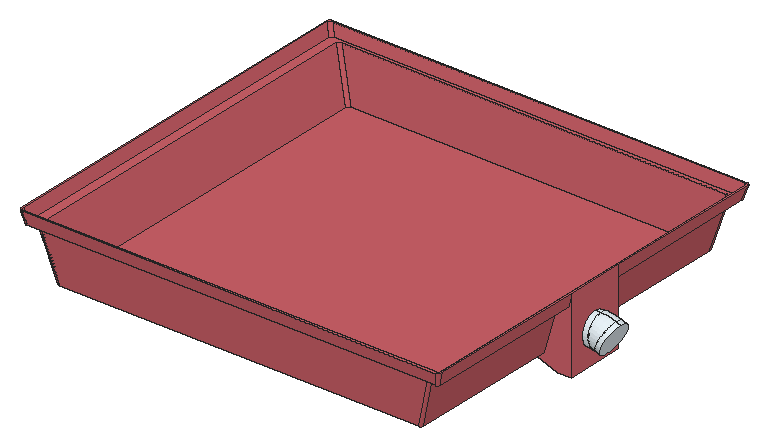
Revit family
Parameters (values of type "660 X 610")
  Waste Connection Diameter = 40 mm
  Waste Connection Radius = Waste Connection Diameter / 2  # 20 mm
  URL = "http://www.autospec.co.za/explore.php?n=w&id=380"
  Product Code = "GSTP 760"
  OmniClass Title = ""
  OmniClass Number = ""
  Material = Polyethylene
  Modspec Classification = ""
  Specification = ""
  Location (revit room) = ""
  Description = ""
  Depth = 98 mm
  Colour = none
  Body Finish = none
  Width = 610 mm
  Model = "Geyser Drip Tray Vertical"
  Manufacturer = "Kwikot"  # constant formula
  Length = 660 mm
  Assembly Code = "E1090100"
  Adapter Material = PVC
Reference planes
  plane 1 "Center (Front/Back)": y = 0
  plane 2 "Bottom": z = 0
  plane 3 "Center (Left/Right)": x = 0
  plane 4 "Right": x = 660
  plane 5 "Back": y = 610
  plane 6 "Top": z = 98
  plane 7: z = -20
  plane 8: x = 655.5
  plane 9: x = 4.5
  plane 10: y = 605.5
  plane 11: y = 4.5
  plane 12: y = 590
  plane 13: y = 20
  plane 14: x = 616.5
  plane 15: x = 43.5
  plane 16: z = 78
  plane 17: y = 600.5
  plane 18: y = 9.5
  plane 19: x = 639
  plane 20: x = 21
  plane 21: x = 330
  plane 22: y = 305
Forms (mm)
  Blend 1, solid, material "Polyethylene" <- "Material"
    base sketch origin (-61.036, -1851.128, 98) x (-1, 0, 0) y (0, -1, 0)
      loop
        arc (-66.036, -2461.128) -> (-62.501, -2459.664) -> (-61.036, -2456.128) r 5
        line (-61.036, -2456.128) -> (-61.036, -1856.128)
        arc (-61.036, -1856.128) -> (-62.501, -1852.593) -> (-66.036, -1851.128) r 5
        line (-66.036, -1851.128) -> (-716.036, -1851.128)
        arc (-716.036, -1851.128) -> (-719.572, -1852.593) -> (-721.036, -1856.128) r 5
        line (-721.036, -1856.128) -> (-721.036, -2456.128)
        arc (-721.036, -2456.128) -> (-719.572, -2459.664) -> (-716.036, -2461.128) r 5
        line (-716.036, -2461.128) -> (-66.036, -2461.128)
    top sketch origin (-61.036, -1851.128, 98) x (-1, 0, 0) y (0, -1, 0)
      loop
        arc (-70.536, -2456.628) -> (-67.001, -2455.164) -> (-65.536, -2451.628) r 5
        line (-65.536, -2451.628) -> (-65.536, -1860.628)
        arc (-65.536, -1860.628) -> (-67.001, -1857.093) -> (-70.536, -1855.628) r 5
        line (-70.536, -1855.628) -> (-711.536, -1855.628)
        arc (-711.536, -1855.628) -> (-715.072, -1857.093) -> (-716.536, -1860.628) r 5
        line (-716.536, -1860.628) -> (-716.536, -2451.628)
        arc (-716.536, -2451.628) -> (-715.072, -2455.164) -> (-711.536, -2456.628) r 5
        line (-711.536, -2456.628) -> (-70.536, -2456.628)
    from 0 to -20
  Blend 2, solid, material "Polyethylene" <- "Material"
    base sketch origin (-270.578, -1524, 78) x (-1, 0, 0) y (0, -1, 0)
      loop
        arc (-296.578, -2124.5) -> (-293.042, -2123.036) -> (-291.578, -2119.5) r 5
        line (-291.578, -2119.5) -> (-291.578, -1538.5)
        arc (-291.578, -1538.5) -> (-293.042, -1534.964) -> (-296.578, -1533.5) r 5
        line (-296.578, -1533.5) -> (-904.578, -1533.5)
        arc (-904.578, -1533.5) -> (-908.113, -1534.964) -> (-909.578, -1538.5) r 5
        line (-909.578, -1538.5) -> (-909.578, -2119.5)
        arc (-909.578, -2119.5) -> (-908.113, -2123.036) -> (-904.578, -2124.5) r 5
        line (-904.578, -2124.5) -> (-296.578, -2124.5)
    top sketch origin (-270.578, -1524, 78) x (-1, 0, 0) y (0, -1, 0)
      loop
        arc (-319.078, -2114) -> (-315.542, -2112.536) -> (-314.078, -2109) r 5
        line (-314.078, -2109) -> (-314.078, -1549)
        arc (-314.078, -1549) -> (-315.542, -1545.464) -> (-319.078, -1544) r 5
        line (-319.078, -1544) -> (-882.078, -1544)
        arc (-882.078, -1544) -> (-885.613, -1545.464) -> (-887.078, -1549) r 5
        line (-887.078, -1549) -> (-887.078, -2109)
        arc (-887.078, -2109) -> (-885.613, -2112.536) -> (-882.078, -2114) r 5
        line (-882.078, -2114) -> (-319.078, -2114)
    from 0 to -78
  Blend 3, void
    base sketch origin (-61.036, -1851.128, 98) x (0, -1, 0) y (1, 0, 0)
      loop
        arc (-1858.128, 63.036) -> (-1854.593, 64.501) -> (-1853.128, 68.036) r 5
        line (-1853.128, 68.036) -> (-1853.128, 714.036)
        arc (-1853.128, 714.036) -> (-1854.593, 717.572) -> (-1858.128, 719.036) r 5
        line (-1858.128, 719.036) -> (-2454.128, 719.036)
        arc (-2454.128, 719.036) -> (-2457.664, 717.572) -> (-2459.128, 714.036) r 5
        line (-2459.128, 714.036) -> (-2459.128, 68.036)
        arc (-2459.128, 68.036) -> (-2457.664, 64.501) -> (-2454.128, 63.036) r 5
        line (-2454.128, 63.036) -> (-1858.128, 63.036)
    top sketch origin (-61.036, -1851.128, 98) x (0, -1, 0) y (1, 0, 0)
      loop
        arc (-1862.628, 67.536) -> (-1859.093, 69.001) -> (-1857.628, 72.536) r 5
        line (-1857.628, 72.536) -> (-1857.628, 709.536)
        arc (-1857.628, 709.536) -> (-1859.093, 713.072) -> (-1862.628, 714.536) r 5
        line (-1862.628, 714.536) -> (-2449.628, 714.536)
        arc (-2449.628, 714.536) -> (-2453.164, 713.072) -> (-2454.628, 709.536) r 5
        line (-2454.628, 709.536) -> (-2454.628, 72.536)
        arc (-2454.628, 72.536) -> (-2453.164, 69.001) -> (-2449.628, 67.536) r 5
        line (-2449.628, 67.536) -> (-1862.628, 67.536)
    from 0 to -18
  Blend 4, void
    base sketch origin (-270.578, -1524, 78) x (0, -1, 0) y (1, 0, 0)
      loop
        arc (-1540.5, 293.578) -> (-1536.964, 295.042) -> (-1535.5, 298.578) r 5
        line (-1535.5, 298.578) -> (-1535.5, 902.578)
        arc (-1535.5, 902.578) -> (-1536.964, 906.113) -> (-1540.5, 907.578) r 5
        line (-1540.5, 907.578) -> (-2117.5, 907.578)
        arc (-2117.5, 907.578) -> (-2121.036, 906.113) -> (-2122.5, 902.578) r 5
        line (-2122.5, 902.578) -> (-2122.5, 298.578)
        arc (-2122.5, 298.578) -> (-2121.036, 295.042) -> (-2117.5, 293.578) r 5
        line (-2117.5, 293.578) -> (-1540.5, 293.578)
    top sketch origin (-270.578, -1524, 78) x (0, -1, 0) y (1, 0, 0)
      loop
        arc (-2112, 321.078) -> (-2110.536, 317.542) -> (-2107, 316.078) r 5
        line (-2107, 316.078) -> (-1551, 316.078)
        arc (-1551, 316.078) -> (-1547.464, 317.542) -> (-1546, 321.078) r 5
        line (-1546, 321.078) -> (-1546, 880.078)
        arc (-1546, 880.078) -> (-1547.464, 883.613) -> (-1551, 885.078) r 5
        line (-1551, 885.078) -> (-2107, 885.078)
        arc (-2107, 885.078) -> (-2110.536, 883.613) -> (-2112, 880.078) r 5
        line (-2112, 880.078) -> (-2112, 321.078)
    from 2 to -76
  Extrusion 5, solid, material "Polyethylene" <- "Material"
    sketch origin (-104.769, 305, 4000) x (-1, 0, 0) y (0, 0, 1)
      loop
        line (-764.769, -4020) -> (-743.769, -4020) -> (-688.819, -4000) -> (-721.269, -4000) -> (-743.769, -3922) -> (-760.269, -3922) -> (-764.769, -3902) -> (-764.769, -4020)
    from -45.5 to 45.5
  Sweep 6, solid, material "PVC" <- "Adapter Material"
    path origin (-104.769, 305, 4000) x (-1, 0, 0) y (0, 0, 1)
      loop
        line (-764.769, -3961) -> (-774.807, -3961)
        arc (-774.807, -3961) -> (-783.465, -3961.948) -> (-791.712, -3964.748) r 40
        line (-791.712, -3964.748) -> (-798.766, -3968.037)
    profile origin (665.019, 305, 39) x (0, 0, -1) y (0, 1, 0)
      loop
        circle (9, 0) r 25
Cuts and joins
  Blend 3, Blend 4 cuts Blend 1
  Blend 3, Blend 4 cuts Blend 2
  joined: Blend 1, Blend 2, Extrusion 5
Lines and regions (mm)
  symbolic lines
    curve 1: line (0, 610, 0) -> (0, 0, 0)
    curve 2: line (660, 610, 0) -> (0, 610, 0)
    curve 3: line (2, 7, 0) -> (2, 603, 0)
    curve 4: arc (2, 603, 0) -> (3.464, 606.536, 0) -> (7, 608, 0) r 5
    curve 5: line (7, 608, 0) -> (653, 608, 0)
    curve 6: line (6.5, 598.5, 0) -> (6.5, 11.5, 0)
    curve 7: arc (11.5, 603.5, 0) -> (7.964, 602.036, 0) -> (6.5, 598.5, 0) r 5
    curve 8: line (648.5, 603.5, 0) -> (11.5, 603.5, 0)
    curve 9: line (23, 16.5, 0) -> (23, 593.5, 0)
    curve 10: arc (23, 593.5, 0) -> (24.464, 597.036, 0) -> (28, 598.5, 0) r 5
    curve 11: line (28, 598.5, 0) -> (632, 598.5, 0)
    curve 12: line (658, 603, 0) -> (658, 7, 0)
    curve 13: line (653.5, 11.5, 0) -> (653.5, 598.5, 0)
    curve 14: arc (653.5, 598.5, 0) -> (652.036, 602.036, 0) -> (648.5, 603.5, 0) r 5
    curve 15: line (637, 593.5, 0) -> (637, 16.5, 0)
    curve 16: arc (632, 598.5, 0) -> (635.536, 597.036, 0) -> (637, 593.5, 0) r 5
    curve 17: arc (653, 608, 0) -> (656.536, 606.536, 0) -> (658, 603, 0) r 5
    curve 18: arc (658, 7, 0) -> (656.536, 3.464, 0) -> (653, 2, 0) r 5
    curve 19: arc (648.5, 6.5, 0) -> (652.036, 7.964, 0) -> (653.5, 11.5, 0) r 5
    curve 20: line (653, 2, 0) -> (7, 2, 0)
    curve 21: line (11.5, 6.5, 0) -> (648.5, 6.5, 0)
    curve 22: arc (637, 16.5, 0) -> (635.536, 12.964, 0) -> (632, 11.5, 0) r 5
    curve 23: line (632, 11.5, 0) -> (28, 11.5, 0)
    curve 24: arc (7, 2, 0) -> (3.464, 3.464, 0) -> (2, 7, 0) r 5
    curve 25: arc (6.5, 11.5, 0) -> (7.964, 7.964, 0) -> (11.5, 6.5, 0) r 5
    curve 26: arc (28, 11.5, 0) -> (24.464, 12.964, 0) -> (23, 16.5, 0) r 5
    curve 27: line (0, 0, 0) -> (660, 0, 0)
    curve 28: line (660, 0, 0) -> (660, 610, 0)
    curve 36: line (45.5, 583, 0) -> (45.5, 27, 0)
    curve 37: arc (45.5, 27, 0) -> (46.964, 23.464, 0) -> (50.5, 22, 0) r 5
    curve 38: line (50.5, 22, 0) -> (609.5, 22, 0)
    curve 39: arc (609.5, 22, 0) -> (613.036, 23.464, 0) -> (614.5, 27, 0) r 5
    curve 40: line (614.5, 27, 0) -> (614.5, 583, 0)
    curve 41: arc (614.5, 583, 0) -> (613.036, 586.536, 0) -> (609.5, 588, 0) r 5
    curve 42: line (609.5, 588, 0) -> (50.5, 588, 0)
    curve 43: arc (50.5, 588, 0) -> (46.964, 586.536, 0) -> (45.5, 583, 0) r 5
  symbolic lines, detail levels fine
    curve 29: line (660, 350.5, 0) -> (584.05, 350.5, 0)
    curve 30: line (584.05, 350.5, 0) -> (584.05, 259.5, 0)
    curve 31: line (584.05, 259.5, 0) -> (660, 259.5, 0)
    curve 32: spline (700.759, 305, 0) -> (700.399, 298.53, 0) -> (699.343, 292.5, 0) -> (697.664, 287.322, 0) -> (695.476, 283.349, 0) -> (692.928, 280.852, 0) -> (690.193, 280, 0) -> (687.459, 280.852, 0) -> (684.911, 283.349, 0) -> (682.723, 287.322, 0) -> (681.044, 292.5, 0) -> (679.988, 298.53, 0) -> (679.628, 305, 0)
    curve 33: spline (679.628, 305, 0) -> (679.988, 311.47, 0) -> (681.044, 317.5, 0) -> (682.723, 322.678, 0) -> (684.911, 326.651, 0) -> (687.459, 329.148, 0) -> (690.193, 330, 0) -> (692.928, 329.148, 0) -> (695.476, 326.651, 0) -> (697.664, 322.678, 0) -> (699.343, 317.5, 0) -> (700.399, 311.47, 0) -> (700.759, 305, 0)
    curve 34: line (690.193, 330, 0) -> (660, 330, 0)
    curve 35: line (690.193, 280, 0) -> (660, 280, 0)
Dimensions and locks
  "Length": plane 3 "Center (Left/Right)" to plane 4 "Right"
  "Width": plane 1 "Center (Front/Back)" to plane 5 "Back"
  "Depth": plane 6 "Top" to plane 2 "Bottom"
  plane 6 "Top" to plane 7 = 118 mm
  locked: plane 19 to plane 4 "Right" at 21
  locked: plane 3 "Center (Left/Right)" to plane 20 at 21
  locked: plane 8 to plane 4 "Right" at 4.5
  locked: plane 3 "Center (Left/Right)" to plane 9 at 4.5
  locked: plane 3 "Center (Left/Right)" to plane 15 at 43.5
  locked: plane 14 to plane 4 "Right" at 43.5
  plane 15 to plane 14 = 573 mm
  plane 8 to plane 9 = 651 mm
  plane 20 to plane 19 = 618 mm
  locked: plane 5 "Back" to plane 10 at 4.5
  locked: plane 1 "Center (Front/Back)" to plane 11 at 4.5
  plane 10 to plane 11 = 601 mm
  locked: plane 5 "Back" to plane 17 at 9.5
  locked: plane 18 to plane 1 "Center (Front/Back)" at 9.5
  plane 17 to plane 18 = 591 mm
  locked: plane 5 "Back" to plane 12 at 20
  locked: plane 13 to plane 1 "Center (Front/Back)" at 20
  plane 12 to plane 13 = 570 mm
  locked: plane 6 "Top" to plane 16 at 20
  plane 16 to plane 2 "Bottom" = 78 mm
  locked: cut or joined group of Blend 1, Blend 2, Blend 3, Blend 4, Extrusion 5 to plane 2 "Bottom" at 2
  equal spacing: plane 3 "Center (Left/Right)", plane 21, plane 4 "Right"
  Extrusion 5 to Extrusion 5 = 91 mm  (x2)
  equal spacing: plane 1 "Center (Front/Back)", plane 22, plane 5 "Back"
  plane 6 "Top" to Sweep 6 sketch curve = 68 mm
  radius of Sweep 6 sketch curve = 25 mm
  aligned and locked: level to plane 2 "Bottom"
  aligned and locked: Blend 1 sketch curve to plane 5 "Back"
  aligned and locked: plane 3 "Center (Left/Right)" to Blend 1 sketch curve
  aligned and locked: Blend 1 sketch curve to plane 1 "Center (Front/Back)"
  aligned and locked: plane 4 "Right" to Blend 1 sketch curve
  aligned and locked: Blend 1 sketch curve to plane 10
  aligned and locked: plane 9 to Blend 1 sketch curve
  aligned and locked: plane 11 to Blend 1 sketch curve
  aligned and locked: plane 8 to Blend 1 sketch curve
  aligned and locked: Blend 2 sketch curve to plane 17
  aligned and locked: Blend 2 sketch curve to plane 20
  aligned and locked: plane 18 to Blend 2 sketch curve
  aligned and locked: plane 19 to Blend 2 sketch curve
  aligned and locked: Blend 2 sketch curve to plane 12
  aligned and locked: Blend 2 sketch curve to plane 15
  aligned and locked: plane 13 to Blend 2 sketch curve
  aligned and locked: plane 14 to Blend 2 sketch curve
  aligned and locked: Blend 1 to plane 16
  aligned and locked: Blend 2 to level
  aligned and locked: plane 6 "Top" to Blend 1
  aligned and locked: plane 16 to Blend 2
  aligned and locked: Extrusion 5 sketch curve to plane 7
  aligned and locked: Extrusion 5 sketch curve to plane 4 "Right"
  aligned and locked: Extrusion 5 sketch curve to cut or joined group of Blend 1, Blend 2, Blend 3, Blend 4, Extrusion 5  (x4)
  aligned and locked: curve 1 to cut or joined group of Blend 1, Blend 2, Blend 3, Blend 4, Extrusion 5
  aligned and locked: curve 2 to cut or joined group of Blend 1, Blend 2, Blend 3, Blend 4, Extrusion 5
  aligned and locked: curve 4 to cut or joined group of Blend 1, Blend 2, Blend 3, Blend 4, Extrusion 5
  aligned and locked: curve 7 to cut or joined group of Blend 1, Blend 2, Blend 3, Blend 4, Extrusion 5
  aligned and locked: curve 10 to cut or joined group of Blend 1, Blend 2, Blend 3, Blend 4, Extrusion 5
  aligned and locked: curve 14 to cut or joined group of Blend 1, Blend 2, Blend 3, Blend 4, Extrusion 5
  aligned and locked: curve 16 to cut or joined group of Blend 1, Blend 2, Blend 3, Blend 4, Extrusion 5
  aligned and locked: curve 17 to cut or joined group of Blend 1, Blend 2, Blend 3, Blend 4, Extrusion 5
  aligned and locked: curve 18 to cut or joined group of Blend 1, Blend 2, Blend 3, Blend 4, Extrusion 5
  aligned and locked: curve 19 to cut or joined group of Blend 1, Blend 2, Blend 3, Blend 4, Extrusion 5
  aligned and locked: curve 22 to cut or joined group of Blend 1, Blend 2, Blend 3, Blend 4, Extrusion 5
  aligned and locked: curve 24 to cut or joined group of Blend 1, Blend 2, Blend 3, Blend 4, Extrusion 5
  aligned and locked: curve 25 to cut or joined group of Blend 1, Blend 2, Blend 3, Blend 4, Extrusion 5
  aligned and locked: curve 26 to cut or joined group of Blend 1, Blend 2, Blend 3, Blend 4, Extrusion 5
  aligned and locked: curve 27 to cut or joined group of Blend 1, Blend 2, Blend 3, Blend 4, Extrusion 5
  aligned and locked: curve 28 to plane 4 "Right"
  aligned and locked: plane 22 to Sweep 6 sketch curve
  aligned and locked: curve 29 to cut or joined group of Blend 1, Blend 2, Blend 3, Blend 4, Extrusion 5
  aligned and locked: curve 30 to cut or joined group of Blend 1, Blend 2, Blend 3, Blend 4, Extrusion 5
  aligned and locked: curve 31 to cut or joined group of Blend 1, Blend 2, Blend 3, Blend 4, Extrusion 5
  aligned and locked: curve 36 to cut or joined group of Blend 1, Blend 2, Blend 3, Blend 4, Extrusion 5
  aligned and locked: curve 37 to cut or joined group of Blend 1, Blend 2, Blend 3, Blend 4, Extrusion 5
  aligned and locked: curve 38 to cut or joined group of Blend 1, Blend 2, Blend 3, Blend 4, Extrusion 5
  aligned and locked: curve 39 to cut or joined group of Blend 1, Blend 2, Blend 3, Blend 4, Extrusion 5
  aligned and locked: curve 40 to cut or joined group of Blend 1, Blend 2, Blend 3, Blend 4, Extrusion 5
  aligned and locked: curve 41 to cut or joined group of Blend 1, Blend 2, Blend 3, Blend 4, Extrusion 5
  aligned and locked: curve 42 to cut or joined group of Blend 1, Blend 2, Blend 3, Blend 4, Extrusion 5
  aligned and locked: curve 43 to cut or joined group of Blend 1, Blend 2, Blend 3, Blend 4, Extrusion 5
Automatic sketch dimensions
  Blend 4 sketch curve to plane 17 = 2 mm
  plane 19 to Blend 4 sketch curve = 2 mm
  plane 12 to Blend 4 sketch curve = 3.5 mm  (x2)
  Blend 4 sketch curve to plane 20 = 2 mm
  Blend 4 sketch curve to plane 13 = 3.5 mm  (x2)
  plane 18 to Blend 4 sketch curve = 2 mm
  Blend 4 sketch curve to plane 12 = 2 mm
  Blend 4 sketch curve to plane 15 = 2 mm
  Blend 4 sketch curve to plane 12 = 7 mm  (x2)
  plane 14 to Blend 4 sketch curve = 2 mm
  plane 13 to Blend 4 sketch curve = 7 mm
  plane 13 to Blend 4 sketch curve = 2 mm
  Blend 4 sketch curve to Blend 4 sketch curve = 5 mm
  Blend 3 sketch curve to plane 5 "Back" = 2 mm
  plane 3 "Center (Left/Right)" to Blend 3 sketch curve = 2 mm
  Blend 3 sketch curve to plane 10 = 2.5 mm  (x2)
  plane 11 to Blend 3 sketch curve = 2.5 mm  (x2)
  Blend 3 sketch curve to plane 1 "Center (Front/Back)" = 2 mm
  plane 8 to Blend 3 sketch curve = 2.5 mm
  Blend 3 sketch curve to plane 10 = 2 mm
  Blend 3 sketch curve to plane 17 = 2 mm  (x2)
  plane 18 to Blend 3 sketch curve = 2 mm  (x2)
  plane 11 to Blend 3 sketch curve = 2 mm
  plane 9 to Blend 3 sketch curve = 2 mm
  plane 8 to Blend 3 sketch curve = 7 mm
  curve 27 to plane 3 "Center (Left/Right)" = 0 mm
  curve 2 to plane 5 "Back" = 0 mm
  plane 19 to Blend 2 sketch curve = 5 mm  (x2)
  Blend 2 sketch curve to plane 17 = 5 mm
  Blend 2 sketch curve to plane 20 = 5 mm
  plane 14 to Blend 2 sketch curve = 5 mm  (x2)
  Blend 2 sketch curve to Blend 2 sketch curve = 5 mm
  Blend 2 sketch curve to plane 15 = 5 mm
  plane 8 to Blend 1 sketch curve = 0.5 mm  (x2)
  plane 9 to Blend 1 sketch curve = 0.5 mm  (x2)
  Blend 1 sketch curve to plane 17 = 0 mm  (x2)
  Blend 1 sketch curve to plane 18 = 0 mm  (x2)
  plane 19 to Extrusion 5 sketch curve = 0 mm
  Extrusion 5 sketch curve to Extrusion 5 sketch curve = 32.45 mm
  plane 4 "Right" to Sweep 6 sketch curve = 0 mm
  Sweep 6 sketch curve to Sweep 6 sketch curve = 10.038 mm
  Sweep 6 sketch curve to Sweep 6 sketch curve = 16.905 mm
  Sweep 6 sketch curve to Sweep 6 sketch curve = 7.054 mm
  Sweep 6 sketch curve to level = 1 mm
  Sweep 6 sketch curve to Sweep 6 sketch curve = 32.963 mm
  Sweep 6 sketch curve to Sweep 6 sketch curve = 3.289 mm
  curve 29 to plane 4 "Right" = 0 mm
  curve 31 to plane 4 "Right" = 0 mm
  curve 34 to plane 4 "Right" = 0 mm
  curve 35 to plane 4 "Right" = 0 mm
  curve 32 to plane 22 = 0 mm
  plane 14 to curve 31 = 32.45 mm
  curve 32 to plane 4 "Right" = 19.628 mm
  curve 33 to curve 33 = 10.565 mm
  curve 35 to curve 32 = 0 mm
  curve 34 to curve 32 = 0 mm
  curve 35 to plane 22 = 25 mm
  curve 31 to plane 22 = 45.5 mm
  plane 22 to curve 34 = 25 mm
  plane 22 to curve 29 = 45.5 mm
  curve 37 to plane 15 = 7 mm
  curve 42 to plane 12 = 2 mm
  curve 42 to plane 15 = 7 mm
  curve 36 to plane 15 = 2 mm
  plane 13 to curve 39 = 2 mm
  plane 14 to curve 39 = 7 mm
  plane 14 to curve 41 = 7 mm
  plane 14 to curve 39 = 2 mm
Connectors
  piping at (690.193, 305, 23.806), driven by "Waste Connection Radius"
    settings: on Sweep 6, index 1, connector radius 20 mm, flow factor 0, pipe flow 0.0 L/s, pressure drop 0.0 Pa, fitting loss kfactor 0, connector angle 0.00°, fixture units 0, flow configuration 2, flow direction 2, fitting loss method 0, system type 29, connector reference index -1, connector utility 0, adjustable connector no, is connector primary yes, fitting loss table "", connector description "Waist Outlet"
